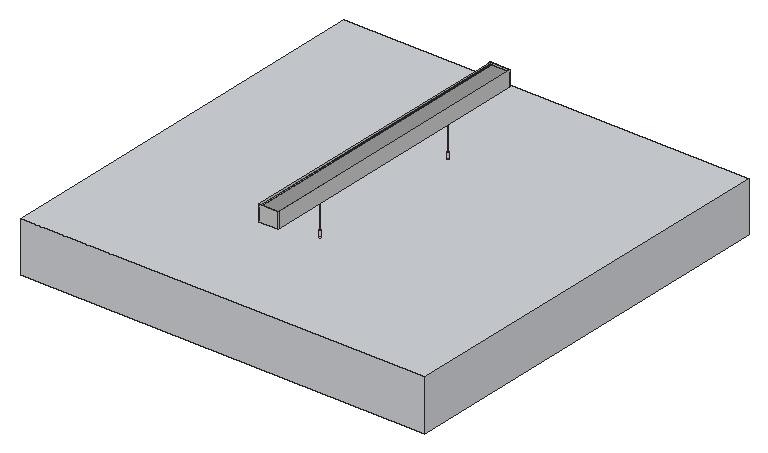
Revit family "LAMP_FIL 120 1743MM OPAL SUSPENDED", category Luminarias, Revit 2018
Family settings
  Anfitrión = Cara
  Cota de conector redondo = Diámetro de uso
  Tipo de pieza = Normal
  Corte con vacíos al cargar = No
  Origen de luz = Sí
  Compartido = No
  Punto de cálculo de habitación = No
Parameters (values of type "7735LM 3000K  GREY")
  Ángulo de inclinación = -90.00°
  Weight = 6.79 kg
  Wattage = 71.7 W
  Type = "HI POWER PHILIPS"
  built-in parameter 1150107 = 3000 (stored number, unit not read)
  Suspension distance [instance] = if(Suspension > 4000 mm, 4000 mm, if(Suspension < 1 mm, 1 mm, Suspension))  # 200 mm
  Suspension [instance] = 200 mm
  built-in parameter 1150110 = 1 (stored number, unit not read)
  built-in parameter 1150109 = 1 (stored number, unit not read)
  built-in parameter 1150112 = 1 (stored number, unit not read)
  built-in parameter 1150113 = 1 (stored number, unit not read)
  built-in parameter 1114218 = 1 (stored number, unit not read)
  Protection rating = "IP20"
  Product datasheet = "http://www.lamp.es/product-files/TECH/F121SF17HOOP830NG-EN.pdf"
  Product code = "F121SF17HOOP830NG"
  Product URL = "https://www.lamp.es/en/family/fil-120_33415"
  Power Supply = "220-240V 50/60Hz"
  Power = 68 W
  Plum = 71.7 W
  NOT COVER 2 [instance] = not(END COVER 2)  # no
  NOT COVER 1 [instance] = not(END COVER 1)  # no
  built-in parameter 1150137 = (empty or 0)
  built-in parameter 1150132 = 2
  Model explanation = "Availability of switching between accessories through visibility parameters when placed in a project."
  Material suspension = LAMP_Acero genérico
  Material perfil = LAMP_Aluminio Perfil Fil GR
  Material difusor = LAMP_PC Difusor Opal Fil
  Manufacturer name = "LAMP"
  Manufacturer country = "Spain"
  Manufacturer URL = "http://www.lamp.es/en"
  MacAdam = "3"
  Luminaire type = ""
  Longitud de línea de emisión = 1743 mm
  Last update = "31/01/2022"
  Lamp = "HIGH POWER LED"
  LED Lifetime = "96.000 L90B10"
  built-in parameter 1150105 = 3081.3 (stored number, unit not read)
  built-in parameter 1150102 = (empty or 0)
  Insulation class = "I"
  Installation instructions = "https://www.lamp.es/product-files/packed/INS/33416_Fil_120.zip"
  built-in parameter 1150106 = 30.813 (stored number, unit not read)
  Gear = "Electronic"
  Lumens = 7736.43 lm
  Finish = "Gloss grey"
  Color Filter = 16777215
  built-in parameter 1114217 = 1 (stored number, unit not read)
  built-in parameter 1150139 = (empty or 0)
  Default Elevation = 1219.2 mm
  built-in parameter 1150104 = 10.024 (stored number, unit not read)
  Efficacy = 107.9 lm/W
  END COVER 2 [instance] = yes
  END COVER 1 [instance] = yes
  Dimensions = "1743x120x92"
  built-in parameter 1150115 = 1 (stored number, unit not read)
  built-in parameter 1150114 = 1 (stored number, unit not read)
  built-in parameter 1150138 = (empty or 0)
  built-in parameter 1150134 = 3
  Dimming Lamp Color Temperature Shift = (empty or 0)
  CRI = "80"
  Archivo de red fotométrica = "F121SF17HOOP830NG.IES"
  built-in parameter 1150133 = 10 (stored number, unit not read)
Types (8, lengths in mm): name | Weight | built-in parameter 1150107 | Product datasheet | Product code | Material perfil | built-in parameter 1150105 | built-in parameter 1150106 | Gear | Lumens | Finish | built-in parameter 1150104 | Efficacy | Archivo de red fotométrica
  7735LM 3000K DALI GREY | 6.825 kg | 3000 (stored number, unit not read) | "http://www.lamp.es/product-files/TECH/F121SF17HOOP830DG-EN.pdf" | "F121SF17HOOP830DG" | LAMP_Aluminio Perfil Fil GR | 3009.9 (stored number, unit not read) | 30.099 (stored number, unit not read) | "DALI" | 7557.18 lm | "Gloss grey" | 9.792 (stored number, unit not read) | 105.4 lm/W | "F121SF17HOOP830nG.IES"
  7735LM 3000K DALI WHITE | 6.825 kg | 3000 (stored number, unit not read) | "http://www.lamp.es/product-files/TECH/F121SF17HOOP830DW-EN.pdf" | "F121SF17HOOP830DW" | LAMP_Aluminio Perfil Fil BL | 3009.9 (stored number, unit not read) | 30.099 (stored number, unit not read) | "DALI" | 7557.18 lm | "Matte white RAL 9010" | 9.792 (stored number, unit not read) | 105.4 lm/W | "F121SF17HOOP830nW.IES"
  7735LM 3000K  GREY | 6.79 kg | 3000 (stored number, unit not read) | "http://www.lamp.es/product-files/TECH/F121SF17HOOP830NG-EN.pdf" | "F121SF17HOOP830NG" | LAMP_Aluminio Perfil Fil GR | 3081.3 (stored number, unit not read) | 30.813 (stored number, unit not read) | "Electronic" | 7736.43 lm | "Gloss grey" | 10.024 (stored number, unit not read) | 107.9 lm/W | "F121SF17HOOP830NG.IES"
  7735LM 3000K  WHITE | 6.79 kg | 3000 (stored number, unit not read) | "http://www.lamp.es/product-files/TECH/F121SF17HOOP830NW-EN.pdf" | "F121SF17HOOP830NW" | LAMP_Aluminio Perfil Fil BL | 3081.3 (stored number, unit not read) | 30.813 (stored number, unit not read) | "Electronic" | 7736.43 lm | "Matte white RAL 9010" | 10.024 (stored number, unit not read) | 107.9 lm/W | "F121SF17HOOP830NW.IES"
  7935LM 4000K DALI GREY | 6.825 kg | 4000 (stored number, unit not read) | "http://www.lamp.es/product-files/TECH/F121SF17HOOP840DG-EN.pdf" | "F121SF17HOOP840DG" | LAMP_Aluminio Perfil Fil GR | 3087 (stored number, unit not read) | 30.87 (stored number, unit not read) | "DALI" | 7750.77 lm | "Gloss grey" | 10.043 (stored number, unit not read) | 108.1 lm/W | "F121SF17HOOP840nG.IES"
  7935LM 4000K DALI WHITE | 6.825 kg | 4000 (stored number, unit not read) | "http://www.lamp.es/product-files/TECH/F121SF17HOOP840DW-EN.pdf" | "F121SF17HOOP840DW" | LAMP_Aluminio Perfil Fil BL | 3087 (stored number, unit not read) | 30.87 (stored number, unit not read) | "DALI" | 7750.77 lm | "Matte white RAL 9010" | 10.043 (stored number, unit not read) | 108.1 lm/W | "F121SF17HOOP840nW.IES"
  7935LM 4000K  GREY | 6.79 kg | 4000 (stored number, unit not read) | "http://www.lamp.es/product-files/TECH/F121SF17HOOP840NG-EN.pdf" | "F121SF17HOOP840NG" | LAMP_Aluminio Perfil Fil GR | 3161.3 (stored number, unit not read) | 31.613 (stored number, unit not read) | "Electronic" | 7937.19 lm | "Gloss grey" | 10.284 (stored number, unit not read) | 110.7 lm/W | "F121SF17HOOP840NG.IES"
  7935LM 4000K  WHITE | 6.79 kg | 4000 (stored number, unit not read) | "http://www.lamp.es/product-files/TECH/F121SF17HOOP840NW-EN.pdf" | "F121SF17HOOP840NW" | LAMP_Aluminio Perfil Fil BL | 3161.3 (stored number, unit not read) | 31.613 (stored number, unit not read) | "Electronic" | 7937.19 lm | "Matte white RAL 9010" | 10.284 (stored number, unit not read) | 110.7 lm/W | "F121SF17HOOP840NW.IES"
Reference planes
  plane 1 "Centro (Frontal/Posterior)": y = 0
  plane 2: z = 0
  plane 3 "Centro (Izquierda/Derecha)": x = 0
Forms (mm)
  Extrusion 1, solid
    sketch origin (0, 0, 0) x (1, 0, 0) y (0, 1, 0)
      loop
        line (-1219.2, 1219.2) -> (-1219.2, -1219.2) -> (1219.2, -1219.2) -> (1219.2, 1219.2) -> (-1219.2, 1219.2)
    from 0 to -304.8
  Extrusion 2, solid, material "LAMP_Aluminio Perfil Fil GR" <- "Material perfil"
    sketch origin (0, 0, 0) x (1, 0, 0) y (0, 0, 1)
      loop
        line (-60, 240) -> (60, 240) -> (60, 332) -> (58.25, 332) -> (58.25, 324) -> (52, 324) -> (52, 322) -> (50, 322) -> (50, 320) -> (58.25, 320) -> (58.25, 242) -> (0, 242) -> (-58.25, 242) -> (-58.25, 320) -> (-50, 320) -> (-50, 322) -> (-52, 322) -> (-52, 324) -> (-58.25, 324) -> (-58.25, 332) -> (-60, 332) -> (-60, 240)
    from -871.5 to 871.5
  Extrusion 3, solid, material "LAMP_Acero genérico" <- "Material suspension"
    sketch origin (0, 0, 0) x (1, 0, 0) y (0, 1, 0)
      loop
        circle (0, 481) r 7.5
      loop
        circle (0, -481) r 7.5
    from 0 to 40
  Extrusion 4, solid, material "LAMP_Acero genérico" <- "Material suspension"
    sketch origin (0, 0, 0) x (1, 0, 0) y (0, 1, 0)
      loop
        circle (0, 481) r 1
      loop
        circle (0, -481) r 1
    from 40 to 240
  Extrusion 5, solid, material "LAMP_PC Difusor Opal Fil" <- "Material difusor"
    sketch origin (0, 0, 0) x (1, 0, 0) y (0, 0, 1)
      loop
        line (-52, 324) -> (-52, 322) -> (52, 322) -> (52, 324) -> (-52, 324)
    from -871.5 to 871.5
Text (mm)
  text "Any modification of the parameters and properties of the LAMP BIM models must be executed and validated by the LAMP technical department.\nPhone: +34 93 736 68 00\nE-mail: lamp@lamp.es\n\nLAMP reserves the right to modify the technical specifications of its products." at (-2377.104, -7012.977, -2722.049), in view "Preview"
Dimensions and locks
  "Suspension distance": Extrusion 4 to Extrusion 3
  aligned and locked: plane 2 to Extrusion 1
  aligned and locked: level to Extrusion 1
  aligned and locked: Extrusion 4 to Extrusion 3
  aligned and locked: Extrusion 4 to Extrusion 2
  aligned and locked: Extrusion 5 to Extrusion 2
  aligned and locked: imposter light to Extrusion 5
  aligned and locked: Extrusion 2 to nested 2  (x2)
  aligned and locked: nested 1 to Extrusion 2
Automatic sketch dimensions
  Extrusion 1 sketch curve to Extrusion 1 sketch curve = 2438.4 mm  (x2)
  Extrusion 3 sketch curve to plane 3 "Centro (Izquierda/Derecha)" = 0 mm  (x2)
  plane 1 "Centro (Frontal/Posterior)" to Extrusion 3 sketch curve = 481 mm
  Extrusion 3 sketch curve to plane 1 "Centro (Frontal/Posterior)" = 481 mm
  Extrusion 4 sketch curve to plane 3 "Centro (Izquierda/Derecha)" = 0 mm  (x2)
  plane 1 "Centro (Frontal/Posterior)" to Extrusion 4 sketch curve = 481 mm
  Extrusion 4 sketch curve to plane 1 "Centro (Frontal/Posterior)" = 481 mm
  Extrusion 2 sketch curve to plane 3 "Centro (Izquierda/Derecha)" = 0 mm
  Extrusion 2 sketch curve to plane 3 "Centro (Izquierda/Derecha)" = 50 mm
  Extrusion 2 sketch curve to Extrusion 2 sketch curve = 2 mm  (x6)
  Extrusion 2 sketch curve to Extrusion 2 sketch curve = 6.25 mm  (x2)
  Extrusion 2 sketch curve to Extrusion 2 sketch curve = 0 mm  (x2)
  Extrusion 2 sketch curve to Extrusion 2 sketch curve = 1.75 mm  (x2)
  plane 3 "Centro (Izquierda/Derecha)" to Extrusion 2 sketch curve = 50 mm
  level to Extrusion 2 sketch curve = 240 mm
  Extrusion 2 sketch curve to Extrusion 2 sketch curve = 78 mm  (x2)
  Extrusion 2 sketch curve to Extrusion 2 sketch curve = 4 mm
  Extrusion 2 sketch curve to Extrusion 2 sketch curve = 8 mm  (x2)
  Extrusion 5 sketch curve to plane 3 "Centro (Izquierda/Derecha)" = 52 mm
  plane 3 "Centro (Izquierda/Derecha)" to Extrusion 5 sketch curve = 52 mm
  level to Extrusion 5 sketch curve = 322 mm
  Extrusion 5 sketch curve to Extrusion 5 sketch curve = 2 mm
  radius of Extrusion 3 sketch curve = 7.5 mm  (x2)
  radius of Extrusion 4 sketch curve = 1 mm  (x2)
Nested families
  nested 1: "LAMP_FIL 120 END COVER SURFACE" at (0, -873, 240), visible <- "END COVER 2", type "Blanco"
  nested 2: "LAMP_FIL 120 END COVER SURFACE" at (0, 873, 240), visible <- "END COVER 1", type "Blanco"
Connectors
  electrical at (0, 0, 240)
    settings: on Extrusion 2, index 1, voltage 230 V, apparent load 0 VA, apparent load phase1 0 VA, apparent load phase2 0 VA, apparent load phase3 0 VA, power factor 1, load classification "Otro", number of poles 1, system type 31, power factor state 1, is connector primary yes, connector utility no, sub classification motor no, connector description ""
Definition of nested family "LAMP_FIL 120 END COVER SURFACE"
  Parameters (values of type "Blanco")
    Material tapa = none
  Types (3): name
    (no name)
    Blanco
    Gris
  Reference planes
    plane 1 "Centro (Frontal/Posterior)": y = 0
    plane 2: z = 0
    plane 3 "Centro (Izquierda/Derecha)": x = 0
  Forms (mm)
    Extrusion 1, solid, material <- "Material tapa"
      sketch origin (0, 0, 0) x (0, -1, 0) y (0, 0, 1)
        loop
          line (0.5, 0) -> (1.5, 0) -> (1.5, 92.5) -> (-1.5, 92.5) -> (-1.5, 0) -> (0.5, 0)
      from -60 to 60
  Dimensions and locks
    aligned and locked: level to plane 2
